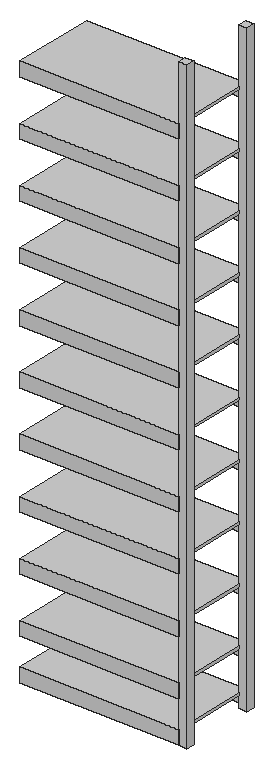
Revit family "WS2", category Specialty Equipment, Revit 2012
Parameters (values of type "Wide Span Add-On (Default)")
  Width = 3' - 0"
  URL = "http://madixinc.com/store/widespan/core.html"
  Model = "Wide Span"
  Manufacturer = "© 2012 Madix, Inc. All rights reserved."
  Base Shelf [instance] = yes
  Shelf Depth = 1' - 6"
  Height = 11' - 0"
  1' Shelf [instance] = yes
  2' Shelf [instance] = yes
  3' Shelf [instance] = yes
  4' Shelf [instance] = yes
  5' Shelf [instance] = yes
  6' Shelf [instance] = yes
  7' Shelf [instance] = yes
  8' Shelf [instance] = yes
  9' Shelf [instance] = yes
  10' Shelf [instance] = yes
Reference planes (in)
  plane 1 "Center (Front/Back)": y = 0
  plane 2: z = 0
  plane 3 "Center (Left/Right)": x = 0
  plane 4: x = -17.125
  plane 5: x = 17.125
  plane 6: y = 9
  plane 7: y = -9
  plane 8: z = 132
  plane 9: x = 18.875
  plane 10: x = -18.875
  plane 11: x = -18
  plane 12: x = 18
Forms (in)
  Extrusion 1, solid, material "Metal - Steel", visible <- "Base Shelf"
    sketch origin (-18, -16.25, 0) x (0, -1, 0) y (0, 0, -1)
      loop
        line (-25.25, 0) -> (-25.25, -3) -> (-7.25, -3) -> (-7.25, 0) -> (-7.375, 0) -> (-7.375, -2.375) -> (-25.125, -2.375) -> (-25.125, 0) -> (-25.25, 0)
    from 0.875 to 35.125
  Extrusion 2, solid, material "Metal - Steel", visible <- "1' Shelf"
    sketch origin (-18, -16.25, 9) x (0, -1, 0) y (0, 0, -1)
      loop
        line (-25.25, 0) -> (-25.25, -3) -> (-7.25, -3) -> (-7.25, 0) -> (-7.375, 0) -> (-7.375, -2.375) -> (-25.125, -2.375) -> (-25.125, 0) -> (-25.25, 0)
    from 0.875 to 35.125
  Extrusion 3, solid, material "Metal - Steel", visible <- "2' Shelf"
    sketch origin (-18, -16.25, 33) x (0, -1, 0) y (0, 0, -1)
      loop
        line (-25.25, 12) -> (-25.25, 9) -> (-7.25, 9) -> (-7.25, 12) -> (-7.375, 12) -> (-7.375, 9.625) -> (-25.125, 9.625) -> (-25.125, 12) -> (-25.25, 12)
    from 0.875 to 35.125
  Extrusion 4, solid, material "Metal - Steel", visible <- "3' Shelf"
    sketch origin (-18, -16.25, 45) x (0, -1, 0) y (0, 0, -1)
      loop
        line (-25.25, 12) -> (-25.25, 9) -> (-7.25, 9) -> (-7.25, 12) -> (-7.375, 12) -> (-7.375, 9.625) -> (-25.125, 9.625) -> (-25.125, 12) -> (-25.25, 12)
    from 0.875 to 35.125
  Extrusion 5, solid, material "Metal - Steel", visible <- "4' Shelf"
    sketch origin (-18, -16.25, 57) x (0, -1, 0) y (0, 0, -1)
      loop
        line (-25.25, 12) -> (-25.25, 9) -> (-7.25, 9) -> (-7.25, 12) -> (-7.375, 12) -> (-7.375, 9.625) -> (-25.125, 9.625) -> (-25.125, 12) -> (-25.25, 12)
    from 0.875 to 35.125
  Extrusion 6, solid, material "Metal - Steel", visible <- "5' Shelf"
    sketch origin (-18, -16.25, 69) x (0, -1, 0) y (0, 0, -1)
      loop
        line (-25.25, 12) -> (-25.25, 9) -> (-7.25, 9) -> (-7.25, 12) -> (-7.375, 12) -> (-7.375, 9.625) -> (-25.125, 9.625) -> (-25.125, 12) -> (-25.25, 12)
    from 0.875 to 35.125
  Extrusion 7, solid, material "Metal - Steel", visible <- "7' Shelf"
    sketch origin (-18, -16.25, 93) x (0, -1, 0) y (0, 0, -1)
      loop
        line (-25.25, 12) -> (-25.25, 9) -> (-7.25, 9) -> (-7.25, 12) -> (-7.375, 12) -> (-7.375, 9.625) -> (-25.125, 9.625) -> (-25.125, 12) -> (-25.25, 12)
    from 0.875 to 35.125
  Extrusion 8, solid, material "Metal - Steel", visible <- "6' Shelf"
    sketch origin (-18, -16.25, 81) x (0, -1, 0) y (0, 0, -1)
      loop
        line (-25.25, 12) -> (-25.25, 9) -> (-7.25, 9) -> (-7.25, 12) -> (-7.375, 12) -> (-7.375, 9.625) -> (-25.125, 9.625) -> (-25.125, 12) -> (-25.25, 12)
    from 0.875 to 35.125
  Extrusion 9, solid, material "Metal - Steel", visible <- "8' Shelf"
    sketch origin (-18, -16.25, 105) x (0, -1, 0) y (0, 0, -1)
      loop
        line (-25.25, 12) -> (-25.25, 9) -> (-7.25, 9) -> (-7.25, 12) -> (-7.375, 12) -> (-7.375, 9.625) -> (-25.125, 9.625) -> (-25.125, 12) -> (-25.25, 12)
    from 0.875 to 35.125
  Extrusion 10, solid, material "Metal - Steel", visible <- "9' Shelf"
    sketch origin (-18, -16.25, 117) x (0, -1, 0) y (0, 0, -1)
      loop
        line (-25.25, 12) -> (-25.25, 9) -> (-7.25, 9) -> (-7.25, 12) -> (-7.375, 12) -> (-7.375, 9.625) -> (-25.125, 9.625) -> (-25.125, 12) -> (-25.25, 12)
    from 0.875 to 35.125
  Extrusion 11, solid, material "Metal - Steel", visible <- "10' Shelf"
    sketch origin (-18, -16.25, 129) x (0, -1, 0) y (0, 0, -1)
      loop
        line (-25.25, 12) -> (-25.25, 9) -> (-7.25, 9) -> (-7.25, 12) -> (-7.375, 12) -> (-7.375, 9.625) -> (-25.125, 9.625) -> (-25.125, 12) -> (-25.25, 12)
    from 0.875 to 35.125
  Extrusion 12, solid, material "Metal - Steel"
    sketch origin (0, 0, 0) x (1, 0, 0) y (0, 1, 0)
      loop
        line (17.125, 9) -> (17.125, 7.25) -> (18.875, 7.25) -> (18.875, 9) -> (17.125, 9)
      loop
        line (17.125, -9) -> (18.875, -9) -> (18.875, -7.25) -> (17.125, -7.25) -> (17.125, -9)
    from 0 to 132
Dimensions and locks (in)
  equal spacing: plane 7, plane 1 "Center (Front/Back)", plane 6
  "Shelf Depth": plane 7 to plane 6
  "Height": plane 8 to level
  plane 10 to plane 11 to plane 4 = 0' - 0 7/8" locked, 0' - 0 7/8" locked
  plane 5 to plane 12 to plane 9 = 0' - 0 7/8" locked, 0' - 0 7/8" locked
  equal spacing: plane 11, plane 3 "Center (Left/Right)", plane 12
  "Width": plane 11 to plane 12
  aligned and locked: level to plane 2
  aligned and locked: Extrusion 1 to plane 4
  aligned and locked: Extrusion 1 to plane 5
  aligned and locked: plane 6 to Extrusion 1
  aligned and locked: plane 7 to Extrusion 1
  aligned and locked: Extrusion 2 to plane 5
  aligned and locked: Extrusion 2 to Extrusion 1
  aligned and locked: Extrusion 2 to plane 4
  aligned and locked: Extrusion 3 to plane 5
  aligned and locked: Extrusion 3 to plane 4
  aligned and locked: Extrusion 4 to plane 5
  aligned and locked: Extrusion 4 to plane 4
  aligned and locked: Extrusion 5 to plane 5
  aligned and locked: Extrusion 5 to plane 4
  aligned and locked: Extrusion 1 to level
  aligned and locked: Extrusion 1 to plane 2
  aligned and locked: Extrusion 1 to Extrusion 5
  aligned and locked: Extrusion 5 to Extrusion 1
  aligned and locked: Extrusion 4 to Extrusion 1
  aligned and locked: Extrusion 1 to Extrusion 4
  aligned and locked: Extrusion 3 to Extrusion 1
  aligned and locked: Extrusion 1 to Extrusion 3
  aligned and locked: Extrusion 3 to Extrusion 2
  aligned and locked: Extrusion 2 to Extrusion 4
  aligned and locked: Extrusion 4 to Extrusion 2
  aligned and locked: Extrusion 2 to Extrusion 5
  aligned and locked: Extrusion 5 to Extrusion 2
  aligned and locked: Extrusion 6 to plane 5
  aligned and locked: Extrusion 6 to plane 4
  aligned and locked: Extrusion 7 to plane 5
  aligned and locked: Extrusion 7 to plane 4
  aligned and locked: Extrusion 7 to Extrusion 1  (x4)
  aligned and locked: Extrusion 8 to plane 5
  aligned and locked: Extrusion 8 to plane 4
  aligned and locked: Extrusion 10 to plane 5
  aligned and locked: Extrusion 10 to plane 4
  aligned and locked: Extrusion 9 to plane 5
  aligned and locked: Extrusion 9 to plane 4
  aligned and locked: Extrusion 1 to Extrusion 9
  aligned and locked: Extrusion 9 to plane 6
  aligned and locked: plane 7 to Extrusion 10
  aligned and locked: Extrusion 10 to plane 6
  aligned and locked: Extrusion 11 to plane 5
  aligned and locked: Extrusion 11 to plane 4
  aligned and locked: plane 7 to Extrusion 11
  aligned and locked: Extrusion 11 to plane 6
  aligned and locked: plane 5 to Extrusion 12  (x2)
  aligned and locked: Extrusion 12 to Extrusion 1
  aligned and locked: Extrusion 1 to Extrusion 12
  aligned and locked: plane 8 to Extrusion 12
  aligned and locked: plane 9 to Extrusion 12
Automatic sketch dimensions
  Extrusion 1 sketch curve to level = 0' - 0"  (x2)
  Extrusion 1 sketch curve to plane 6 = 0' - 0"
  Extrusion 1 sketch curve to plane 7 = 0' - 0"
  plane 6 to Extrusion 1 sketch curve = 0' - 0 1/8"
  Extrusion 1 sketch curve to plane 7 = 0' - 0 1/8"
  level to Extrusion 1 sketch curve = 0' - 2 3/8"
  Extrusion 1 sketch curve to Extrusion 1 sketch curve = 0' - 0 5/8"
  Extrusion 2 sketch curve to plane 6 = 0' - 0"
  Extrusion 2 sketch curve to plane 7 = 0' - 0"
  plane 6 to Extrusion 2 sketch curve = 0' - 0 1/8"
  Extrusion 2 sketch curve to plane 7 = 0' - 0 1/8"
  level to Extrusion 2 sketch curve = 1' - 0"
  Extrusion 2 sketch curve to Extrusion 2 sketch curve = 0' - 0 5/8"
  Extrusion 2 sketch curve to Extrusion 2 sketch curve = 0' - 2 3/8"  (x2)
  Extrusion 3 sketch curve to plane 6 = 0' - 0"
  Extrusion 3 sketch curve to plane 7 = 0' - 0"
  plane 6 to Extrusion 3 sketch curve = 0' - 0 1/8"
  Extrusion 3 sketch curve to plane 7 = 0' - 0 1/8"
  level to Extrusion 3 sketch curve = 2' - 0"
  Extrusion 3 sketch curve to Extrusion 3 sketch curve = 0' - 0 5/8"
  Extrusion 3 sketch curve to Extrusion 3 sketch curve = 0' - 2 3/8"  (x2)
  Extrusion 4 sketch curve to plane 6 = 0' - 0"
  Extrusion 4 sketch curve to plane 7 = 0' - 0"
  plane 6 to Extrusion 4 sketch curve = 0' - 0 1/8"
  Extrusion 4 sketch curve to plane 7 = 0' - 0 1/8"
  level to Extrusion 4 sketch curve = 3' - 0"
  Extrusion 4 sketch curve to Extrusion 4 sketch curve = 0' - 0 5/8"
  Extrusion 4 sketch curve to Extrusion 4 sketch curve = 0' - 2 3/8"  (x2)
  Extrusion 5 sketch curve to plane 6 = 0' - 0"
  Extrusion 5 sketch curve to plane 7 = 0' - 0"
  plane 6 to Extrusion 5 sketch curve = 0' - 0 1/8"
  Extrusion 5 sketch curve to plane 7 = 0' - 0 1/8"
  level to Extrusion 5 sketch curve = 4' - 0"
  Extrusion 5 sketch curve to Extrusion 5 sketch curve = 0' - 0 5/8"
  Extrusion 5 sketch curve to Extrusion 5 sketch curve = 0' - 2 3/8"  (x2)
  Extrusion 6 sketch curve to plane 6 = 0' - 0"
  Extrusion 6 sketch curve to plane 7 = 0' - 0"
  plane 6 to Extrusion 6 sketch curve = 0' - 0 1/8"
  Extrusion 6 sketch curve to plane 7 = 0' - 0 1/8"
  level to Extrusion 6 sketch curve = 5' - 0"
  Extrusion 6 sketch curve to Extrusion 6 sketch curve = 0' - 0 5/8"
  Extrusion 6 sketch curve to Extrusion 6 sketch curve = 0' - 2 3/8"  (x2)
  Extrusion 7 sketch curve to plane 6 = 0' - 0"
  Extrusion 7 sketch curve to plane 7 = 0' - 0"
  plane 6 to Extrusion 7 sketch curve = 0' - 0 1/8"
  Extrusion 7 sketch curve to plane 7 = 0' - 0 1/8"
  level to Extrusion 7 sketch curve = 7' - 0"
  Extrusion 7 sketch curve to Extrusion 7 sketch curve = 0' - 0 5/8"
  Extrusion 7 sketch curve to Extrusion 7 sketch curve = 0' - 2 3/8"  (x2)
  Extrusion 8 sketch curve to plane 6 = 0' - 0"
  Extrusion 8 sketch curve to plane 7 = 0' - 0"
  plane 6 to Extrusion 8 sketch curve = 0' - 0 1/8"
  Extrusion 8 sketch curve to plane 7 = 0' - 0 1/8"
  level to Extrusion 8 sketch curve = 6' - 0"
  Extrusion 8 sketch curve to Extrusion 8 sketch curve = 0' - 0 5/8"
  Extrusion 8 sketch curve to Extrusion 8 sketch curve = 0' - 2 3/8"  (x2)
  Extrusion 9 sketch curve to plane 6 = 0' - 0"
  Extrusion 9 sketch curve to plane 7 = 0' - 0"
  plane 6 to Extrusion 9 sketch curve = 0' - 0 1/8"
  Extrusion 9 sketch curve to plane 7 = 0' - 0 1/8"
  level to Extrusion 9 sketch curve = 8' - 0"
  Extrusion 9 sketch curve to Extrusion 9 sketch curve = 0' - 0 5/8"
  Extrusion 9 sketch curve to Extrusion 9 sketch curve = 0' - 2 3/8"  (x2)
  Extrusion 10 sketch curve to plane 6 = 0' - 0"
  Extrusion 10 sketch curve to plane 7 = 0' - 0"
  plane 6 to Extrusion 10 sketch curve = 0' - 0 1/8"
  Extrusion 10 sketch curve to plane 7 = 0' - 0 1/8"
  level to Extrusion 10 sketch curve = 9' - 0"
  Extrusion 10 sketch curve to Extrusion 10 sketch curve = 0' - 0 5/8"
  Extrusion 10 sketch curve to Extrusion 10 sketch curve = 0' - 2 3/8"  (x2)
  Extrusion 11 sketch curve to plane 6 = 0' - 0"
  Extrusion 11 sketch curve to plane 7 = 0' - 0"
  plane 6 to Extrusion 11 sketch curve = 0' - 0 1/8"
  Extrusion 11 sketch curve to plane 7 = 0' - 0 1/8"
  level to Extrusion 11 sketch curve = 10' - 0"
  Extrusion 11 sketch curve to Extrusion 11 sketch curve = 0' - 0 5/8"
  Extrusion 11 sketch curve to Extrusion 11 sketch curve = 0' - 2 3/8"  (x2)
  Extrusion 12 sketch curve to plane 5 = 0' - 0"  (x2)
  plane 6 to Extrusion 12 sketch curve = 0' - 0"
  plane 7 to Extrusion 12 sketch curve = 0' - 0"
  Extrusion 12 sketch curve to Extrusion 12 sketch curve = 0' - 1 3/4"
  Extrusion 12 sketch curve to plane 5 = 0' - 1 3/4"
  Extrusion 12 sketch curve to plane 7 = 0' - 1 3/4"
  plane 6 to Extrusion 12 sketch curve = 0' - 1 3/4"
